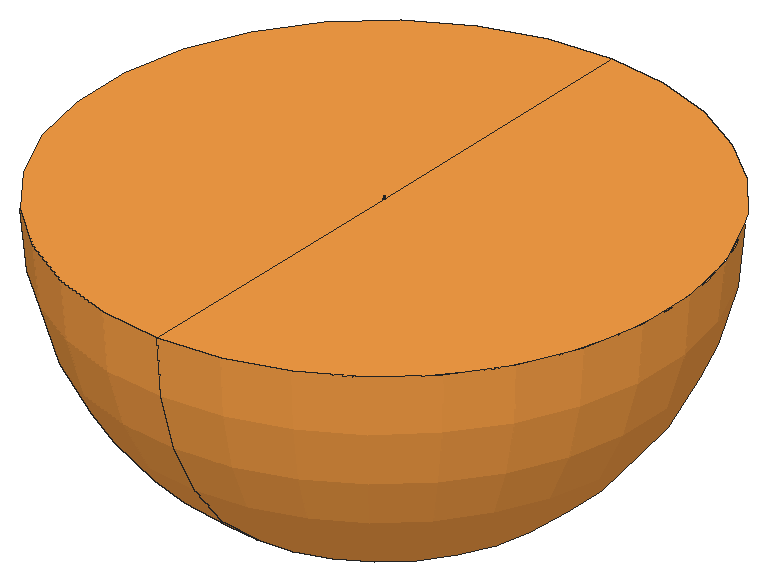
Revit family "Difusores abiertos para falsos suelos y falsos techos", category Rociadores, Revit 2017
Family settings
  Mantener orientación de anotación = No
  Cota de conector redondo = Radio de uso
  Tipo de pieza = Normal
  Número OmniClass = 23.65.70.17.11.24
  Título OmniClass = Fire Fighting Sprinkler Heads
  Se basa en plano de trabajo = Sí
  Siempre vertical = Sí
  Corte con vacíos al cargar = No
  Compartido = No
  Punto de cálculo de habitación = No
Parameters (values of type "Difusor abierto 6 toberas - 2,4 a 30,6 l/min")
  Zona de acción = yes
  URL = "http://aguilera.es/?productos=difusores-abiertos-de-agua-nebulizada"
  Símbolo texto modelo = yes
  Símbolo = yes
  Respuesta = Norma
  Orificio = Norma
  Modelo = "AN/CA360T6"
  Flujo máximo = 30.6 L/min
  Flujo = 2.4 L/min
  Fabricante = "Aguilera Electrónica"  # constant formula
  Default Elevation = 1219.2 mm
  Descripción = "Cabeza nebulizadora abierta para instalación en tubería seca, fabricada en acero inoxidable AISI 304 para alta presión.\r\nEquipada con 4 o 6  toberas en horizontal en un ángulo de apertura de 360º."  # constant formula
  Flujo mínimo = 2.4 L/min
  Cobertura = Norma
  Clase de presión = Norma
Reference planes
  plane 1 "Centro (Frontal/Posterior)": y = 0
  plane 2: z = 0
  plane 3 "Centro (Izquierda/Derecha)": x = 0
Forms (mm)
  Extrusion 1, solid, material "Acero inoxidable"
    sketch origin (-289.747, -1524, -7) x (-1, 0, 0) y (0, -1, 0)
      loop
        circle (-289.747, -1524) r 8.5
    from 0 to 7
  Extrusion 2, solid, material "Acero inoxidable", detail levels fine
    sketch origin (-289.747, -1524, 2) x (-1, 0, 0) y (0, -1, 0)
      loop
        circle (-289.747, -1524) r 8
    from 0 to 3
  Extrusion 3, solid, material "Acero inoxidable", detail levels fine
    sketch origin (-289.747, -1524, 5) x (-1, 0, 0) y (0, -1, 0)
      loop
        circle (-289.747, -1524) r 8.724
    from 0 to 10
  Extrusion 4, solid, material "Acero inoxidable", detail levels fine
    sketch origin (-289.747, -1524, 15) x (-1, 0, 0) y (0, -1, 0)
      loop
        line (-293.595, -1531.555) -> (-285.899, -1531.555)
        arc (-285.899, -1531.555) -> (-280.799, -1524.165) -> (-285.385, -1516.445) r 8.319
        line (-285.385, -1516.445) -> (-294.109, -1516.445)
        arc (-294.109, -1516.445) -> (-298.696, -1524.165) -> (-293.595, -1531.555) r 8.319
    from 0 to 2.015
  Extrusion 5, solid, material "Acero inoxidable", detail levels fine
    sketch origin (-289.747, -1524, 17.015) x (-1, 0, 0) y (0, -1, 0)
      loop
        circle (-289.747, -1524) r 5
    from 0 to 5.241
  Revolve 6, solid, material "Acero inoxidable", detail levels fine
    sketch origin (0, 0, -30.37) x (0, 1, 0) y (0, 0, 1)
      loop
        line (0, 52.626) -> (0, 55.385) -> (-2.15, 55.385) -> (-5, 53.739) -> (-5, 52.626) -> (0, 52.626)
      axis (0, 55.385) -> (0, 52.626)
    angle from 0 to 360
  Revolve 7, solid, material "Goma", detail levels fine
    sketch origin (0, 0, -26.5) x (0, 1, 0) y (0, 0, 1)
      loop
        line (0, 28.5) -> (-9.003, 28.5)
        arc (-9.003, 28.5) -> (-10.003, 27.5) -> (-9.003, 26.5) r 1
        line (-9.003, 26.5) -> (0, 26.5) -> (0, 28.5)
      axis (0, 28.5) -> (0, 26.5)
    angle from 0 to 360
  Extrusion 8, solid, material "Acero inoxidable", not visible, detail levels fine
    sketch origin (0, -13, -14) x (1, 0, 0) y (0, 0, 1)
      loop
        line (2.88, 4.988) -> (-2.88, 4.988) -> (-5.76, 0) -> (-2.88, -4.988) -> (2.88, -4.988) -> (5.76, 0) -> (2.88, 4.988)
    from -36 to -33
  Extrusion 9, solid, material "Acero inoxidable"
    sketch origin (-289.747, -1524, 31.5) x (-1, 0, 0) y (0, -1, 0)
      loop
        circle (-289.747, -1524) r 20
    from -52.917 to -38.5
  Extrusion 10, solid, material "Acero inoxidable", not visible, detail levels fine
    sketch origin (-11.258, -6.5, -14) x (0.5, -0.866025, 0) y (0, 0, 1)
      loop
        line (2.88, 4.988) -> (-2.88, 4.988) -> (-5.76, 0) -> (-2.88, -4.988) -> (2.88, -4.988) -> (5.76, 0) -> (2.88, 4.988)
    from -36 to -33
  Extrusion 11, solid, material "Acero inoxidable", not visible, detail levels fine
    sketch origin (11.258, -6.5, -14) x (0.5, 0.866025, 0) y (0, 0, 1)
      loop
        line (2.88, 4.988) -> (-2.88, 4.988) -> (-5.76, 0) -> (-2.88, -4.988) -> (2.88, -4.988) -> (5.76, 0) -> (2.88, 4.988)
    from -36 to -33
  Extrusion 12, solid, material "Acero inoxidable", not visible, detail levels fine
    sketch origin (11.258, 6.5, -14) x (-0.5, 0.866025, 0) y (0, 0, 1)
      loop
        line (2.88, 4.988) -> (-2.88, 4.988) -> (-5.76, 0) -> (-2.88, -4.988) -> (2.88, -4.988) -> (5.76, 0) -> (2.88, 4.988)
    from -36 to -33
  Extrusion 13, solid, material "Acero inoxidable", not visible, detail levels fine
    sketch origin (0, 13, -14) x (-1, 0, 0) y (0, 0, 1)
      loop
        line (2.88, 4.988) -> (-2.88, 4.988) -> (-5.76, 0) -> (-2.88, -4.988) -> (2.88, -4.988) -> (5.76, 0) -> (2.88, 4.988)
    from -36 to -33
  Extrusion 14, solid, material "Acero inoxidable", not visible, detail levels fine
    sketch origin (-11.258, 6.5, -14) x (-0.5, -0.866025, 0) y (0, 0, 1)
      loop
        line (2.88, 4.988) -> (-2.88, 4.988) -> (-5.76, 0) -> (-2.88, -4.988) -> (2.88, -4.988) -> (5.76, 0) -> (2.88, 4.988)
    from -36 to -33
  Revolve 15, solid, material "Zona de acción", visible <- "Zona de acción"
    sketch origin (0, 0, 0) x (0, 1, 0) y (0, 0, 1)
      loop
        line (0, 0) -> (-4000, 0)
        arc (-4000, 0) -> (-2828.427, -2828.427) -> (0, -4000) r 4000
        line (0, -4000) -> (0, 0)
      axis (0, 0) -> (0, -4000)
    angle from 0 to 360
Dimensions and locks
  aligned and locked: level to plane 2
Nested families
  nested 1: "S_Difusor abierto_Aguilera Extinción" at (0, 0, 0), visible <- "Símbolo", type "S_Difusor abierto_Aguilera Extinción", detail levels coarse
Connectors
  piping at (0, 0, 0), diameter 20, driven by "Flujo"
    settings: on Extrusion 1, index 1, connector inside diameter 609.6 mm, connector length 0 mm, flow factor 0, pipe flow 2.4 L/min, pressure drop 0.0 Pa, fitting loss kfactor 0, connector angle 0.00°, fixture units 0, engagement length 0 mm, angle of deflection 0.00°, flow configuration 0, flow direction 1, fitting loss method 0, system type 24, joint type 0, gender type 0, connector reference index -1, connector utility 0, adjustable connector no, is connector primary yes, connector description ""
Definition of nested family "S_Difusor abierto_Aguilera Extinción"
  Parameters (values of type "S_Difusor abierto_Aguilera Extinción")
    Texto símbolo = "Difusor abierto"
    Texto modelo = yes
    Modelo = "Difusor abierto"
  Reference planes
    plane 1: y = 0
    plane 2: x = 0
  Lines and regions (mm)
    detail lines
      curve 1: circle (0, 0, 0) r 1.49 normal (0, 0, 1)
      curve 2: line (1.699, 0, 0) -> (2.813, 0, 0)
      curve 3: line (1.201, 1.201, 0) -> (1.989, 1.989, 0)
      curve 4: line (0, 1.699, 0) -> (0, 2.813, 0)
      curve 5: line (-1.699, 0, 0) -> (-2.813, 0, 0)
      curve 6: line (-1.201, 1.201, 0) -> (-1.989, 1.989, 0)
      curve 7: line (1.201, -1.201, 0) -> (1.989, -1.989, 0)
      curve 8: line (0, -1.699, 0) -> (0, -2.813, 0)
      curve 9: line (-1.201, -1.201, 0) -> (-1.989, -1.989, 0)
  Text (mm)
    label "Texto símbolo" at (-0.164, 4.036, 0), shows "Texto símbolo", visible <- "Texto modelo"
    label "Modelo" at (-0.164, -4.339, 0), shows "Modelo", visible <- "Texto modelo"
